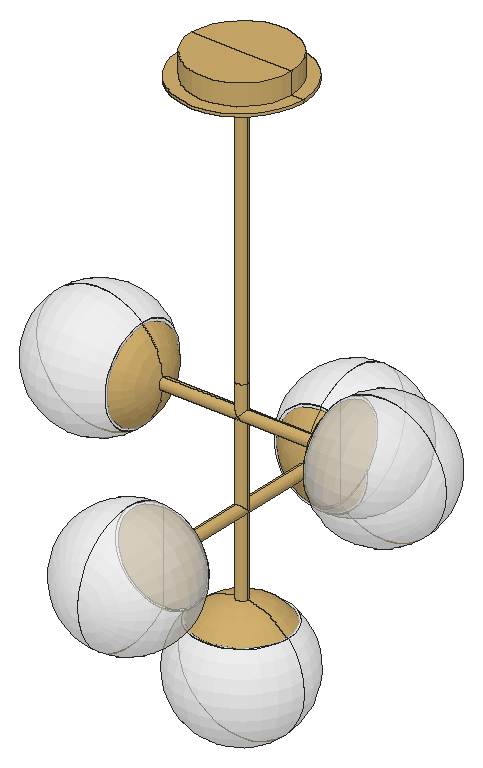
Revit family "Nebula 01", category Lighting Fixtures, host Ceiling, Revit 2020
Family settings
  Host = Ceiling
  Round Connector Dimension = Use Diameter
  Part Type = Normal
  OmniClass Number = 23.80.70.11
  OmniClass Title = Luminaries for Internal Lighting
  Always vertical = Yes
  Cut with Voids When Loaded = No
  Light Source = Yes
  Shared = No
  Room Calculation Point = No
Parameters (values of type "36-680-40 / Aged Brass - Matte White Acrylic")
  Wattage Comments = "6 W at 120 V"  # constant formula
  Wattage = 4.03926 W
  built-in parameter 1150110 = 1 (stored number, unit not read)
  Voltage Input = "120 V or 277 V - 50/60 Hz"  # constant formula
  Voltage = 277 V
  URL = "www.oxygenlighting.com"
  built-in parameter 1114217 = 1 (stored number, unit not read)
  built-in parameter 1150109 = 1 (stored number, unit not read)
  References = "Ref. 3 = 120 V / Ref. 37 = 277 V"  # constant formula
  Model = "3-680-xx Nebula Pendant"  # constant formula
  Manufacturer = "Oxygen Lighting and Fans"  # constant formula
  Lamp = "LED Array"  # constant formula
  Default Elevation = 0' - 0"
  built-in parameter 1150134 = (empty or 0)
  built-in parameter 1150113 = 1 (stored number, unit not read)
  Metal Finish = 40 - Aged Brass
  Lumens = 600 lm
  built-in parameter 1150115 = 1 (stored number, unit not read)
  built-in parameter 1150105 = 47.746 (stored number, unit not read)
  Light Source Symbol Size = 2' - 0"
  built-in parameter 1150137 = (empty or 0)
  built-in parameter 1150139 = (empty or 0)
  built-in parameter 1150112 = 1 (stored number, unit not read)
  built-in parameter 1150114 = 1 (stored number, unit not read)
  built-in parameter 1150132 = 2
  built-in parameter 1150102 = (empty or 0)
  built-in parameter 1150138 = (empty or 0)
  built-in parameter 1150107 = 3000 (stored number, unit not read)
  built-in parameter 1150106 = 0.47746 (stored number, unit not read)
  built-in parameter 1150104 = 13.8 (stored number, unit not read)
  Dimming Lamp Color Temperature Shift = <None>
  Diffuser = Matte White Acrylic
  Color Filter = 16777215
  built-in parameter 1114218 = 1 (stored number, unit not read)
  built-in parameter 1150133 = 10 (stored number, unit not read)
Types (5): name | Voltage | Metal Finish
  (no name) | 277 V | 40 - Aged Brass
  3-680-15 / Black - Matte White Acrylic | 120 V | 15 - Black
  3-680-40 / Aged Brass - Matte White Acrylic | 120 V | 40 - Aged Brass
  36-680-15 / Black - Matte White Acrylic | 277 V | 15 - Black
  36-680-40 / Aged Brass - Matte White Acrylic | 277 V | 40 - Aged Brass
Reference planes (in)
  plane 1 "Light Source Axis (F/B)": y = 0
  plane 2 "Ceiling": z = 96
  plane 3 "Light Source Axis (L/R)": x = 0
  plane 4 "Light Source Elevation": z = 69.62194
  plane 5: z = 76.64816
Forms (in)
  Revolve 1, solid, material "40 - Aged Brass" <- "Metal Finish"
    sketch origin (0, 0, 0) x (1, 0, 0) y (0, 0, 1)
      loop
        line (3.72132, 80.91816) -> (-3.72132, 80.91816)
        arc (-3.72132, 80.91816) -> (-4.02507, 81.92785) -> (-4.6875, 82.74816) r 2.74088
        line (-4.6875, 82.74816) -> (-4.6875, 80.64816) -> (4.6875, 80.64816) -> (4.6875, 82.74816)
        arc (4.6875, 82.74816) -> (4.02507, 81.92785) -> (3.72132, 80.91816) r 2.74088
      axis (4.6875, 80.64816) -> (-4.6875, 80.64816)
    angle from 0 to 360
  Revolve 2, solid, material "40 - Aged Brass" <- "Metal Finish"
    sketch origin (0, 0, -4) x (0, 1, 0) y (0, 0, 1)
      loop
        line (3.72132, 80.91816) -> (-3.72132, 80.91816)
        arc (-3.72132, 80.91816) -> (-4.02507, 81.92785) -> (-4.6875, 82.74816) r 2.74088
        line (-4.6875, 82.74816) -> (-4.6875, 80.64816) -> (4.6875, 80.64816) -> (4.6875, 82.74816)
        arc (4.6875, 82.74816) -> (4.02507, 81.92785) -> (3.72132, 80.91816) r 2.74088
      axis (4.6875, 80.64816) -> (-4.6875, 80.64816)
    angle from 0 to 360
  Revolve 3, solid, material "Matte White Acrylic" <- "Diffuser"
    sketch origin (0, 0, 0) x (1, 0, 0) y (0, 0, 1)
      loop
        arc (9.6875, 80.64816) -> (7.90791, 83.3822) -> (4.6875, 82.86175) r 2.99
        line (4.6875, 82.86175) -> (4.6875, 80.64816) -> (9.6875, 80.64816)
      loop
        arc (-4.6875, 82.86175) -> (-7.90791, 83.3822) -> (-9.6875, 80.64816) r 2.99
        line (-9.6875, 80.64816) -> (-4.6875, 80.64816) -> (-4.6875, 82.86175)
      axis (-9.6875, 80.64816) -> (9.6875, 80.64816)
    angle from 0 to 360
  Revolve 4, solid, material "Matte White Acrylic" <- "Diffuser"
    sketch origin (0, 0, -4) x (0, 1, 0) y (0, 0, 1)
      loop
        arc (9.6875, 80.64816) -> (7.90791, 83.3822) -> (4.6875, 82.86175) r 2.99
        line (4.6875, 82.86175) -> (4.6875, 80.64816) -> (9.6875, 80.64816)
      loop
        arc (-4.6875, 82.86175) -> (-7.90791, 83.3822) -> (-9.6875, 80.64816) r 2.99
        line (-9.6875, 80.64816) -> (-4.6875, 80.64816) -> (-4.6875, 82.86175)
      axis (-9.6875, 80.64816) -> (9.6875, 80.64816)
    angle from 0 to 360
  Revolve 5, solid, material "Matte White Acrylic" <- "Diffuser"
    sketch origin (0, 0, 0) x (1, 0, 0) y (0, 0, 1)
      loop
        arc (0, 66.88816) -> (2.73404, 68.66775) -> (2.21359, 71.88816) r 2.99
        line (2.21359, 71.88816) -> (0, 71.88816) -> (0, 66.88816)
      axis (0, 66.88816) -> (0, 71.88816)
    angle from 0 to 360
Dimensions and locks (in)
  equal spacing: host sketch curve, plane 3 "Light Source Axis (L/R)", host sketch curve
  equal spacing: host sketch curve, plane 1 "Light Source Axis (F/B)", host sketch curve
  host sketch curve to host sketch curve = 10' - 0"  (x2)
  locked: plane 2 "Ceiling" to Revolve 1 sketch curve at 15.35184
  locked: Revolve 1 sketch curve to Revolve 1 sketch curve at 0.27
  Revolve 1 sketch curve to nested 1 to Revolve 1 sketch curve = 0' - 4 11/16" locked, 0' - 4 11/16" locked
  locked: plane 2 "Ceiling" to plane 5 at 19.35184
  locked: Revolve 2 sketch curve to Revolve 2 sketch curve at 0.27
  Revolve 2 sketch curve to Revolve 2 sketch curve = 0' - 9 3/8"
  Revolve 2 to plane 1 "Light Source Axis (F/B)" to Revolve 2 = 0' - 4 11/16" locked, 0' - 4 11/16" locked
  locked: plane 2 "Ceiling" to Revolve 3 sketch curve at 15.35184
  locked: plane 5 to plane 4 "Light Source Elevation" at 7.02622
  aligned and locked: plane 3 "Light Source Axis (L/R)" to imposter light
  aligned and locked: plane 1 "Light Source Axis (F/B)" to imposter light
  aligned and locked: plane 4 "Light Source Elevation" to imposter light
  aligned and locked: plane 2 "Ceiling" to nested 1
  aligned and locked: plane 3 "Light Source Axis (L/R)" to nested 1
  aligned and locked: plane 1 "Light Source Axis (F/B)" to nested 1
  aligned and locked: plane 3 "Light Source Axis (L/R)" to nested 2
  aligned and locked: plane 1 "Light Source Axis (F/B)" to nested 2
  aligned and locked: nested 2 to nested 1
  aligned and locked: Revolve 1 sketch curve to Revolve 1 sketch curve
  aligned and locked: Revolve 2 sketch curve to Revolve 2 sketch curve
  aligned and locked: nested 1 to Revolve 2
  aligned and locked: Revolve 4 sketch curve to plane 5
  aligned and locked: Revolve 5 sketch curve to imposter light
  aligned and locked: Revolve 5 sketch curve to Revolve 5 sketch curve
Nested families (in)
  nested 1: "Family2" at (0, 27.73523, 96), type "Family2"
  nested 2: "Family3" at (0, -2.04735, 82.03649), type "Family3"
Connectors (in)
  electrical at (0, 0, 96), driven by "Voltage"
    settings: on nested 1, index 1, voltage 277 V, apparent load 0 VA, apparent load phase1 0 VA, apparent load phase2 0 VA, apparent load phase3 0 VA, power factor 1, load classification "Other", number of poles 1, system type 31, power factor state 1, is connector primary yes, connector utility no, sub classification motor no, connector description ""
Definition of nested family "Family2"
  Parameters (values of type "Family2")
    Metal Finish = none
    Default Elevation = 0' - 0"
  Reference planes (in)
    plane 1 "Center (Front/Back)": y = 0
    plane 2: z = 0
    plane 3 "Center (Left/Right)": x = 0
  Forms (in)
    Revolve 1, solid, material <- "Metal Finish"
      sketch origin (0, -27.73523, -96) x (1, 0, 0) y (0, 0, 1)
        loop
          line (2.36, 96) -> (0, 96) -> (0, 82.03649) -> (0.27, 82.03649) -> (0.27, 94.03649) -> (0.30125, 94.03649) -> (0.30125, 94.09899) -> (0.208, 94.09899) -> (0.208, 94.15943)
          arc (0.208, 94.15943) -> (0.24905, 94.18222) -> (0.2705, 94.22399) r 0.08084
          line (0.2705, 94.22399) -> (0.395, 94.22399) -> (0.395, 94.6875) -> (0.63439, 94.6875) -> (0.63439, 94.875) -> (2.937, 94.875) -> (2.937, 95) -> (2.36, 95) -> (2.36, 96)
        axis (0, 96) -> (0, 82.03649)
      angle from 0 to 360
  Dimensions and locks (in)
    aligned and locked: level to plane 2
Definition of nested family "Family3"
  Parameters (values of type "Family3")
    Metal Finish = none
    Default Elevation = 0' - 0"
  Reference planes (in)
    plane 1 "Center (Front/Back)": y = 0
    plane 2: z = 0
    plane 3 "Center (Left/Right)": x = 0
  Forms (in)
    Revolve 1, solid, material <- "Metal Finish"
      sketch origin (0, 2.04735, -82.03649) x (1, 0, 0) y (0, 0, 1)
        loop
          line (0, 82.03649) -> (0, 71.88816) -> (2.1, 71.88816)
          arc (2.1, 71.88816) -> (1.27969, 72.55059) -> (0.27, 72.85434) r 2.74088
          line (0.27, 72.85434) -> (0.27, 82.03649) -> (0, 82.03649)
        axis (0, 82.03649) -> (0, 71.88816)
      angle from 0 to 360
  Dimensions and locks (in)
    aligned and locked: level to plane 2
